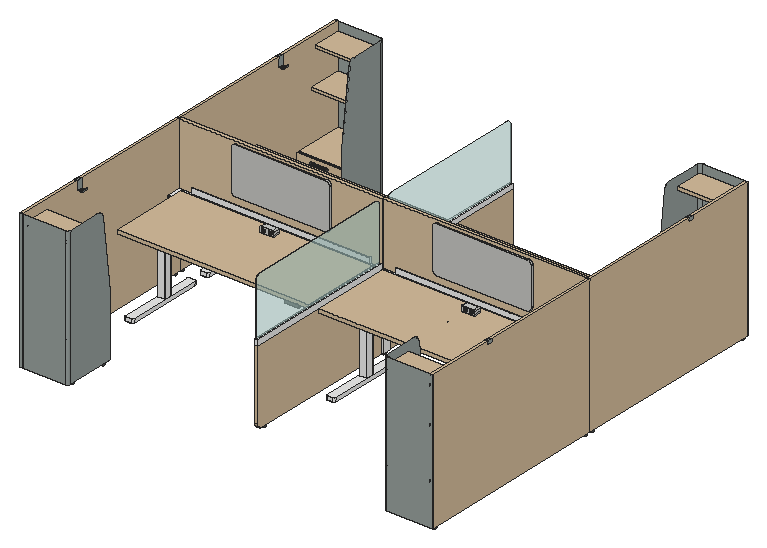
Revit family "Layout-Teknion-Expansion_Cityline_Height_Adjustable_Workstation_09-R2021", category Furniture Systems, Revit 2021 (continued)
Definition of nested family "Screen-Teknion-JNSFDT_Floor_Screen_With_Metal_Tower_Open_Leg_Mounted_Two_Users-R2021"
  Lines and regions (in)
    symbolic lines, detail levels medium+fine
      curve 91: line (65.56305, -5.27441, 0) -> (64.94091, -5.27441, 0)
    symbolic lines, visible <- "Standard-Height Pass-Through", detail levels medium+fine
      curve 43: line (-3.2276, 1.05512, 0) -> (-3.2276, -0.03937, 0)
      curve 44: line (-3.42331, -0.03937, 0) -> (-0.84457, -0.03937, 0)
      curve 45: arc (-0.76583, 0, 0) -> (-0.80055, -0.02898, 0) -> (-0.84457, -0.03937, 0) r 0.09843
      curve 46: arc (-3.42331, -0.03937, 0) -> (-3.46732, -0.02898, 0) -> (-3.50205, 0, 0) r 0.09843
      curve 47: line (-1.04028, 1.05512, 0) -> (-1.04028, -0.03937, 0)
      curve 48: line (-3.39378, 1.01575, 0) -> (-3.39378, 0, 0)
      curve 49: line (-0.87409, 1.01575, 0) -> (-0.87409, 0, 0)
    symbolic lines, visible <- "Standard-Height Pass-Through", detail levels fine
      curve 50: line (-3.45283, 1.01575, 0) -> (-3.45283, 0, 0)
      curve 51: line (-0.81504, 1.01575, 0) -> (-0.81504, 0, 0)
    symbolic lines, detail levels fine
      curve 52: arc (-81.94108, 0.50787, 0) -> (-82.44108, 1.00787, 0) -> (-82.94108, 0.50787, 0) r 0.5
      curve 53: arc (-82.94108, 0.50787, 0) -> (-82.44108, 0.00787, 0) -> (-81.94108, 0.50787, 0) r 0.5
      curve 54: arc (-80.94108, -0.50787, 0) -> (-81.44108, -0.00787, 0) -> (-81.94108, -0.50787, 0) r 0.5
      curve 55: arc (-81.94108, -0.50787, 0) -> (-81.44108, -1.00787, 0) -> (-80.94108, -0.50787, 0) r 0.5
      curve 56: arc (-66.77966, -0.50787, 0) -> (-67.27966, -0.00787, 0) -> (-67.77966, -0.50787, 0) r 0.5
      curve 57: arc (-67.77966, -0.50787, 0) -> (-67.27966, -1.00787, 0) -> (-66.77966, -0.50787, 0) r 0.5
      curve 58: arc (-66.77966, -16.14567, 0) -> (-67.27966, -15.64567, 0) -> (-67.77966, -16.14567, 0) r 0.5
      curve 59: arc (-67.77966, -16.14567, 0) -> (-67.27966, -16.64567, 0) -> (-66.77966, -16.14567, 0) r 0.5
      curve 60: arc (-80.94108, -16.14567, 0) -> (-81.44108, -15.64567, 0) -> (-81.94108, -16.14567, 0) r 0.5
      curve 61: arc (-81.94108, -16.14567, 0) -> (-81.44108, -16.64567, 0) -> (-80.94108, -16.14567, 0) r 0.5
      curve 62: arc (-1.00004, 0.50787, 0) -> (-1.50004, 1.00787, 0) -> (-2.00004, 0.50787, 0) r 0.5
      curve 63: arc (-2.00004, 0.50787, 0) -> (-1.50004, 0.00787, 0) -> (-1.00004, 0.50787, 0) r 0.5
      curve 64: arc (1.99996, 0.50787, 0) -> (1.49996, 1.00787, 0) -> (0.99996, 0.50787, 0) r 0.5
      curve 65: arc (0.99996, 0.50787, 0) -> (1.49996, 0.00787, 0) -> (1.99996, 0.50787, 0) r 0.5
      curve 66: arc (67.77958, -16.14567, 0) -> (67.27958, -15.64567, 0) -> (66.77958, -16.14567, 0) r 0.5
      curve 67: arc (66.77958, -16.14567, 0) -> (67.27958, -16.64567, 0) -> (67.77958, -16.14567, 0) r 0.5
      curve 68: arc (81.941, -16.14567, 0) -> (81.441, -15.64567, 0) -> (80.941, -16.14567, 0) r 0.5
      curve 69: arc (80.941, -16.14567, 0) -> (81.441, -16.64567, 0) -> (81.941, -16.14567, 0) r 0.5
      curve 70: arc (80.941, -0.50787, 0) -> (81.441, -1.00787, 0) -> (81.941, -0.50787, 0) r 0.5
      curve 71: arc (81.941, -0.50787, 0) -> (81.441, -0.00787, 0) -> (80.941, -0.50787, 0) r 0.5
      curve 72: arc (81.941, 0.50787, 0) -> (82.441, 0.00787, 0) -> (82.941, 0.50787, 0) r 0.5
      curve 73: arc (82.941, 0.50787, 0) -> (82.441, 1.00787, 0) -> (81.941, 0.50787, 0) r 0.5
      curve 74: arc (66.77958, -0.50787, 0) -> (67.27958, -1.00787, 0) -> (67.77958, -0.50787, 0) r 0.5
      curve 75: arc (67.77958, -0.50787, 0) -> (67.27958, -0.00787, 0) -> (66.77958, -0.50787, 0) r 0.5
  Dimensions and locks (in)
    "Width": plane 4 "Left" to plane 5 "Right"
    locked: plane 6 "Back" to plane 7 "Front" at 17.72835
    "Datum Height": plane 8 "Top" to level
    equal spacing: plane 6 "Back", plane 1 "Center Front/Back", plane 7 "Front"
    equal spacing: plane 4 "Left", plane 3 "Center Left/Right", plane 5 "Right"
    locked: plane 9 to plane 2 at 0.60236
    locked: plane 4 "Left" to Sweep 1 sketch curve at 0.05906
    locked: plane 6 "Back" to Sweep 1 sketch curve at 1.01575
    locked: Sweep 2 sketch curve to plane 5 "Right" at 0.05906
    locked: plane 6 "Back" to Sweep 2 sketch curve at 1.01575
    "Cut-Out - Pass-Through": Sweep 3 sketch curve to Sweep 3 sketch curve
    locked: plane 6 "Back" to Sweep 3 sketch curve at 1.75
    plane 3 "Center Left/Right" to Sweep 3 sketch curve to Sweep 3 sketch curve = 0.815" locked, 2.6378" locked
    Sweep 3 sketch curve to Sweep 3 sketch curve to plane 9 = 6.3189" locked, 15.88976" locked
    locked: plane 7 "Front" to Sweep 4 sketch curve at 0.05906  (x2)
    locked: plane 4 "Left" to Sweep 4 sketch curve at 19.05906
    locked: plane 4 "Left" to Sweep 4 sketch curve at 0.05906
    locked: plane 7 "Front" to Sweep 4 sketch curve at 1.05906  (x2)
    locked: plane 4 "Left" to Sweep 4 sketch curve at 1.05906
    locked: Sweep 4 sketch curve to plane 5 "Right" at 0.05906
    locked: Sweep 4 sketch curve to plane 5 "Right" at 19.05906
    locked: Sweep 4 sketch curve to plane 5 "Right" at 1.05906
    locked: plane 7 "Front" to Sweep 5 sketch curve at 3
    locked: Sweep 5 sketch curve to plane 2 at 23  (x2)
    locked: Sweep 5 sketch curve to plane 5 "Right" at 19.05906
    locked: Sweep 6 sketch curve to plane 9 at 14.77165
    plane 4 "Left" to Sweep 6 sketch curve to Sweep 6 sketch curve = 1.05896" locked, 17.16142" locked
    Sweep 6 sketch curve to Sweep 6 sketch curve to plane 5 "Right" = 17.16132" locked, 1.05906" locked
    locked: plane 7 "Front" to Sweep 6 sketch curve at 0.05906  (x2)
    locked: plane 6 "Back" to Sweep 6 sketch curve at 1.01575
    locked: Sweep 6 sketch curve to plane 6 "Back" at 1.01575
    Sweep 7 sketch curve to Sweep 7 sketch curve to plane 2 = 13.75591" locked, 1.61811" locked
    plane 4 "Left" to Sweep 7 sketch curve to Sweep 7 sketch curve = 1.79912" locked, 16.42126" locked
    locked: plane 7 "Front" to Sweep 7 sketch curve at 1.0748  (x2)
    locked: plane 6 "Back" to Sweep 7 sketch curve at 2.0315  (x2)
    Sweep 7 sketch curve to Sweep 7 sketch curve to plane 5 "Right" = 16.42126" locked, 1.79912" locked
    plane 4 "Left" to Sweep 8 sketch curve to Sweep 8 sketch curve to Sweep 8 sketch curve = 0.05896" locked, 1.000" locked, 9.500" locked
    plane 7 "Front" to Sweep 8 sketch curve to Sweep 8 sketch curve = 0.05906" locked, 1.000" locked  (x2)
    locked: plane 6 "Back" to Sweep 8 sketch curve at 1.01575  (x2)
    Sweep 8 sketch curve to Sweep 8 sketch curve to Sweep 8 sketch curve to plane 5 "Right" = 9.500" locked, 1.000" locked, 0.05896" locked
    "Shelve 2 Distance": plane 8 "Top" to Sweep 9 sketch curve
    locked: Sweep 9 sketch curve to Sweep 9 sketch curve at 1.01575
    plane 4 "Left" to Sweep 9 sketch curve to Sweep 9 sketch curve to Sweep 9 sketch curve = 0.05896" locked, 1.000" locked, 11.500" locked
    Sweep 9 sketch curve to Sweep 9 sketch curve to Sweep 9 sketch curve to plane 5 "Right" = 11.500" locked, 1.000" locked, 0.05896" locked
    locked: plane 6 "Back" to Sweep 9 sketch curve at 1.01575  (x2)
    plane 7 "Front" to Sweep 9 sketch curve to Sweep 9 sketch curve = 0.05906" locked, 1.000" locked  (x2)
    Sweep 10 sketch curve to Sweep 10 sketch curve to plane 2 = 1.01575" locked, 15.37402" locked
    plane 4 "Left" to Sweep 10 sketch curve to Sweep 10 sketch curve to Sweep 10 sketch curve = 0.05896" locked, 1.000" locked, 17.16142" locked
    Sweep 10 sketch curve to Sweep 10 sketch curve to Sweep 10 sketch curve to plane 5 "Right" = 17.16142" locked, 1.000" locked, 0.05896" locked
    locked: plane 6 "Back" to Sweep 10 sketch curve at 1.01575  (x2)
    plane 7 "Front" to Sweep 10 sketch curve to Sweep 10 sketch curve = 0.05906" locked, 1.000" locked  (x2)
    Sweep 11 sketch curve to Sweep 11 sketch curve to Sweep 11 sketch curve to Sweep 11 sketch curve to plane 2 = 0.16618" locked, 0.02953" locked, 0.07874" locked, 16.44291" locked
    Sweep 11 sketch curve to Sweep 11 sketch curve to Sweep 11 sketch curve = 0.19571" locked, 0.07874" locked
    Sweep 11 sketch curve to plane 6 "Back" to Sweep 11 sketch curve to Sweep 11 sketch curve = 0.03937" locked, 1.01575" locked, 0.03937" locked
    Sweep 12 sketch curve to plane 3 "Center Left/Right" to Sweep 12 sketch curve = 5.16929" locked, 5.16929" locked
    Sweep 12 sketch curve to Sweep 12 sketch curve to Sweep 12 sketch curve to Sweep 12 sketch curve to plane 2 = 0.0752" locked, 4.96063" locked, 0.0752" locked, 22.65709" locked
    plane 6 "Back" to Sweep 12 sketch curve to Sweep 12 sketch curve to Sweep 12 sketch curve to Sweep 12 sketch curve = 1.01575" locked, 0.0752" locked, 1.18465" locked, 0.17717" locked
    plane 6 "Back" to Sweep 13 sketch curve to Sweep 13 sketch curve = 1.01575" locked, 1.43701" locked
    Sweep 13 sketch curve to Sweep 13 sketch curve to Sweep 13 sketch curve to plane 3 "Center Left/Right" to Sweep 13 sketch curve to Sweep 13 sketch curve to Sweep 13 sketch curve = 1.33858" locked, 0.6811" locked, 3.14961" locked, 3.14961" locked, 0.6811" locked, 1.33858" locked
    Sweep 13 sketch curve to Sweep 13 sketch curve to Sweep 13 sketch curve to Sweep 13 sketch curve to plane 2 = 0.0752" locked, 4.96063" locked, 0.0752" locked, 22.65709" locked
    Sweep 14 sketch curve to plane 3 "Center Left/Right" to Sweep 14 sketch curve = 1.500" locked, 1.500" locked
    locked: plane 6 "Back" to Sweep 14 sketch curve at 0.50787  (x2)
    Sweep 14 sketch curve to Sweep 14 sketch curve to Sweep 14 sketch curve to Sweep 14 sketch curve to Sweep 14 sketch curve to plane 5 "Right" = 0.000" locked, 14.16142" locked, 0.000" locked, 1.000" locked, 1.55896" locked
    plane 6 "Back" to Sweep 14 sketch curve to Sweep 14 sketch curve to Sweep 14 sketch curve to Sweep 14 sketch curve to Sweep 14 sketch curve = 0.50787" locked, 1.01575" locked, 0.000" locked, 15.6378" locked, 0.000" locked  (x2)
    plane 4 "Left" to Sweep 14 sketch curve to Sweep 14 sketch curve to Sweep 14 sketch curve to Sweep 14 sketch curve to Sweep 14 sketch curve = 1.55896" locked, 1.000" locked, 0.000" locked, 14.16142" locked, 0.000" locked
    plane 4 "Left" to Sweep 15 sketch curve to Sweep 15 sketch curve = 25.18396" locked, 1.750" locked
    plane 8 "Top" to Sweep 8 sketch curve to Sweep 8 sketch curve = 3.000" locked, 1.01575" locked
    locked: plane 8 "Top" to Sweep 5 sketch curve at 2  (x2)
    locked: Sweep 5 sketch curve to plane 4 "Left" at 19.05906
    Sweep 15 sketch curve to Sweep 15 sketch curve to Sweep 15 sketch curve to Sweep 15 sketch curve to Sweep 15 sketch curve to plane 6 "Back" to Sweep 15 sketch curve = 0.04724" locked, 0.3937" locked, 1.51181" locked, 0.04724" locked, 1.01575" locked, 0.04724" locked
    Sweep 15 sketch curve to plane 8 "Top" to Sweep 15 sketch curve to Sweep 15 sketch curve to Sweep 15 sketch curve to Sweep 15 sketch curve = 0.04724" locked, 0.94488" locked, 1.81693" locked, 0.3937" locked, 0.04724" locked
    "Round Corner Cut-Out": Sweep 5 sketch curve to plane 4 "Left"
    "Round Corner Cut-Out": Sweep 5 sketch curve to plane 5 "Right"
    Sweep 16 sketch curve to Sweep 16 sketch curve to plane 5 "Right" = 1.750" locked, 25.18396" locked
    plane 6 "Back" to Sweep 17 sketch curve to Sweep 17 sketch curve = 2.76575" locked, 0.250" locked
    Sweep 17 sketch curve to Sweep 17 sketch curve to Sweep 17 sketch curve to Sweep 17 sketch curve to plane 4 "Left" = 0.250" locked, 1.250" locked, 0.250" locked, 25.18396" locked
    plane 8 "Top" to Sweep 17 sketch curve to Sweep 17 sketch curve = 2.40551" locked, 0.250" locked  (x4)
    Sweep 17 sketch curve to Sweep 17 sketch curve to Sweep 17 sketch curve to Sweep 17 sketch curve to plane 5 "Right" = 0.250" locked, 1.250" locked, 0.250" locked, 25.18396" locked
    Sweep 18 sketch curve to plane 6 "Back" to Sweep 18 sketch curve = 0.04724" locked, 0.20276" locked
    Sweep 18 sketch curve to Sweep 18 sketch curve to Sweep 18 sketch curve to Sweep 18 sketch curve to plane 5 "Right" = 0.53937" locked, 0.67126" locked, 0.53937" locked, 25.18396" locked
    Sweep 18 sketch curve to Sweep 18 sketch curve to plane 8 "Top" = 0.53937" locked, 0.40551" locked  (x4)
    Sweep 18 sketch curve to Sweep 18 sketch curve to Sweep 18 sketch curve to Sweep 18 sketch curve to plane 4 "Left" = 0.53937" locked, 0.67126" locked, 0.53937" locked, 25.18396" locked
    equal spacing: cut or joined group of Sweep 6, Sweep 7, nested 1, cut or joined group of Sweep 6, Sweep 7
    equal spacing: cut or joined group of Sweep 6, Sweep 7, nested 5, cut or joined group of Sweep 6, Sweep 7
    equal spacing: cut or joined group of Sweep 4, Sweep 5, nested 2, plane 3 "Center Left/Right"
    equal spacing: plane 3 "Center Left/Right", nested 4, Sweep 2
    equal spacing: plane 6 "Back", nested 2, cut or joined group of Sweep 1, Sweep 3
    equal spacing: plane 6 "Back", nested 4, Sweep 2
    equal spacing: plane 6 "Back", nested 3, Sweep 2
    plane 8 "Top" to Sweep 19 sketch curve to Sweep 19 sketch curve = 2.55512" locked, 1.250" locked
    plane 4 "Left" to Sweep 19 sketch curve to Sweep 19 sketch curve = 25.69331" locked, 0.7313" locked
    plane 6 "Back" to Sweep 19 sketch curve to Sweep 19 sketch curve = 1.62205" locked, 0.3937" locked  (x2)
    plane 5 "Right" to Sweep 19 sketch curve to Sweep 19 sketch curve = 25.69331" locked, 0.7313" locked
    Masking region 2 sketch curve to Masking region 2 sketch curve to Masking region 2 sketch curve to Masking region 2 sketch curve to plane 3 "Center Left/Right" = 0.07874" locked, 2.57874" locked, 0.07874" locked, 0.76579" locked
    locked: Sweep 20 sketch curve to plane 4 "Left" at 18.35817
    Sweep 20 sketch curve to Sweep 20 sketch curve to plane 2 = 15.61024" locked, 0.66142" locked
    locked: Sweep 20 sketch curve to Sweep 20 sketch curve at 0.70088
    Sweep 21 sketch curve to Sweep 21 sketch curve to plane 1 "Center Front/Back" to Sweep 21 sketch curve to Sweep 21 sketch curve = 0.000" locked, 3.08465" locked, 2.12795" locked, 0.000" locked
    Sweep 21 sketch curve to Sweep 21 sketch curve to cut or joined group of Sweep 20, Sweep 21, Sweep 23 = 1.08504" locked, 1.29213" locked
    locked: Sweep 22 sketch curve to Sweep 22 sketch curve at 15.61024
    locked: Sweep 22 sketch curve to Sweep 22 sketch curve at 0.70088
    locked: Sweep 22 sketch curve to plane 2 at 0.66142
    locked: Sweep 22 sketch curve to plane 5 "Right" at 18.35817
    Sweep 23 sketch curve to Sweep 23 sketch curve to plane 1 "Center Front/Back" to Sweep 23 sketch curve to Sweep 23 sketch curve = 0.000" locked, 3.08465" locked, 2.12795" locked, 0.000" locked
    Sweep 23 sketch curve to Sweep 23 sketch curve to Sweep 22 = 1.08504" locked, 1.29213" locked
    Sweep 24 sketch curve to Sweep 24 sketch curve to Sweep 24 sketch curve = 0.70079" locked, 0.000" locked
    cut or joined group of Sweep 20, Sweep 21, Sweep 23 to Sweep 24 sketch curve to Sweep 24 sketch curve = 1.29213" locked, 0.09646" locked
    locked: Sweep 25 sketch curve to Sweep 25 sketch curve at 0.07874
    locked: cut or joined group of Sweep 20, Sweep 21, Sweep 23 to Sweep 25 sketch curve at 1.83465
    Sweep 26 sketch curve to Sweep 26 sketch curve to Sweep 26 sketch curve = 0.70079" locked, 0.000" locked
    locked: Sweep 26 sketch curve to Sweep 26 sketch curve at 0.09646
    locked: cut or joined group of Sweep 22, Sweep 23 to Sweep 26 sketch curve at 1.29213
    locked: Sweep 27 sketch curve to Sweep 27 sketch curve at 0.07874
    locked: cut or joined group of Sweep 22, Sweep 23 to Sweep 27 sketch curve at 1.83465
    locked: Sweep 28 sketch curve to Sweep 28 sketch curve at 0.05896
    locked: Sweep 28 sketch curve to curve 6 at 1.89961
    Sweep 28 sketch curve to Sweep 28 sketch curve to Sweep 28 sketch curve to cut or joined group of Sweep 20, Sweep 21, Sweep 23 = 0.37402" locked, 0.20923" locked, 1.06045" locked
    cut or joined group of Sweep 20, Sweep 21, Sweep 23 to Sweep 28 sketch curve to Sweep 28 sketch curve to Sweep 28 sketch curve = 1.45416" locked, 0.34703" locked, 0.09843" locked
    locked: Sweep 29 sketch curve to Sweep 29 sketch curve at 0.05896
    Sweep 29 sketch curve to Sweep 29 sketch curve to Sweep 29 sketch curve = 0.37402" locked, 0.20923" locked
    Sweep 29 sketch curve to Sweep 29 sketch curve to Sweep 29 sketch curve = 0.34703" locked, 0.09843" locked
    locked: plane 7 "Front" to Sweep 29 sketch curve at 1.95867
    locked: Sweep 29 sketch curve to cut or joined group of Sweep 22, Sweep 23 at 1.26969
    locked: Sweep 29 sketch curve to cut or joined group of Sweep 22, Sweep 23 at 1.80119
    aligned and locked: level to plane 2
    aligned and locked: Sweep 1 sketch curve to plane 3 "Center Left/Right"
    aligned and locked: plane 8 "Top" to Sweep 1 sketch curve
    aligned and locked: plane 9 to Sweep 1 sketch curve
    aligned and locked: plane 6 "Back" to Sweep 1 sketch curve
    aligned and locked: plane 3 "Center Left/Right" to Sweep 1 sketch curve
    aligned and locked: Sweep 2 sketch curve to plane 3 "Center Left/Right"  (x2)
    aligned and locked: plane 8 "Top" to Sweep 2 sketch curve
    aligned and locked: plane 9 to Sweep 2 sketch curve
    aligned and locked: plane 6 "Back" to Sweep 2 sketch curve
    aligned and locked: plane 3 "Center Left/Right" to Sweep 3 sketch curve
    aligned and locked: plane 3 "Center Left/Right" to Sweep 4 sketch curve
    aligned and locked: plane 8 "Top" to Sweep 4 sketch curve
    aligned and locked: plane 9 to Sweep 4 sketch curve
    aligned and locked: Sweep 4 sketch curve to plane 6 "Back"
    aligned and locked: plane 4 "Left" to Sweep 4 sketch curve
    aligned and locked: Sweep 4 sketch curve to plane 7 "Front"
    aligned and locked: plane 7 "Front" to Sweep 4 sketch curve
    aligned and locked: Sweep 4 sketch curve to plane 5 "Right"
    aligned and locked: plane 6 "Back" to Sweep 4 sketch curve
    aligned and locked: Sweep 5 sketch curve to plane 3 "Center Left/Right"
    aligned and locked: plane 7 "Front" to Sweep 5 sketch curve
    aligned and locked: Sweep 5 sketch curve to plane 8 "Top"
    aligned and locked: plane 8 "Top" to Sweep 5 sketch curve
    aligned and locked: Sweep 6 sketch curve to plane 3 "Center Left/Right"
    aligned and locked: plane 9 to Sweep 6 sketch curve
    aligned and locked: Sweep 7 sketch curve to plane 3 "Center Left/Right"
    aligned and locked: Sweep 8 sketch curve to plane 3 "Center Left/Right"
    aligned and locked: Sweep 9 sketch curve to plane 3 "Center Left/Right"
    aligned and locked: Sweep 10 sketch curve to plane 3 "Center Left/Right"
    aligned and locked: Sweep 11 sketch curve to cut or joined group of Sweep 1, Sweep 3  (x4)
    aligned and locked: Sweep 11 sketch curve to plane 6 "Back"
    aligned and locked: plane 1 "Center Front/Back" to Sweep 12 sketch curve
    aligned and locked: Sweep 13 sketch curve to plane 3 "Center Left/Right"
    aligned and locked: Sweep 13 sketch curve to Sweep 13 sketch curve  (x2)
    aligned and locked: Sweep 14 sketch curve to plane 3 "Center Left/Right"
    aligned and locked: plane 2 to Sweep 14 sketch curve
    aligned and locked: plane 9 to Sweep 14 sketch curve
    aligned and locked: plane 1 "Center Front/Back" to Sweep 15 sketch curve
    aligned and locked: Sweep 15 sketch curve to plane 8 "Top"
    aligned and locked: Sweep 15 sketch curve to plane 6 "Back"
    aligned and locked: plane 1 "Center Front/Back" to Sweep 16 sketch curve
    aligned and locked: Sweep 16 sketch curve to Sweep 15  (x12)
    aligned and locked: plane 3 "Center Left/Right" to Sweep 17 sketch curve
    aligned and locked: Sweep 18 sketch curve to plane 3 "Center Left/Right"
    aligned and locked: Sweep 10 to nested 1
    aligned and locked: nested 5 to Sweep 10
    aligned and locked: plane 3 "Center Left/Right" to nested 3
    aligned and locked: plane 7 "Front" to curve 1
    aligned and locked: curve 2 to plane 4 "Left"
    aligned and locked: curve 3 to plane 6 "Back"
    aligned and locked: curve 4 to plane 5 "Right"
    aligned and locked: Sweep 19 sketch curve to plane 3 "Center Left/Right"
    aligned and locked: Masking region 1 sketch curve to Sweep 10  (x2)
    aligned and locked: Masking region 1 sketch curve to cut or joined group of Sweep 4, Sweep 5  (x4)
    aligned and locked: Masking region 1 sketch curve to cut or joined group of Sweep 1, Sweep 3  (x2)
    aligned and locked: Sweep 2 to Masking region 1 sketch curve  (x2)
    aligned and locked: Masking region 1 sketch curve to cut or joined group of Sweep 16, Sweep 17, Sweep 18, Sweep 19  (x7)
    aligned and locked: Masking region 1 sketch curve to Sweep 2
    aligned and locked: Masking region 1 sketch curve to cut or joined group of Sweep 12, Sweep 13  (x8)
    aligned and locked: cut or joined group of Sweep 12, Sweep 13 to Masking region 1 sketch curve  (x3)
    aligned and locked: Masking region 1 sketch curve to cut or joined group of Sweep 15, Sweep 17, Sweep 18, Sweep 19  (x8)
    aligned and locked: cut or joined group of Sweep 1, Sweep 3 to Masking region 1 sketch curve
    aligned and locked: curve 6 to cut or joined group of Sweep 4, Sweep 5
    aligned and locked: curve 7 to cut or joined group of Sweep 4, Sweep 5
    aligned and locked: curve 8 to cut or joined group of Sweep 1, Sweep 3
    aligned and locked: cut or joined group of Sweep 15, Sweep 17, Sweep 18, Sweep 19 to curve 9
    aligned and locked: curve 10 to Sweep 8
    aligned and locked: curve 11 to Sweep 9
    aligned and locked: cut or joined group of Sweep 15, Sweep 17, Sweep 18, Sweep 19 to curve 12
    aligned and locked: cut or joined group of Sweep 1, Sweep 3 to curve 13
    aligned and locked: curve 14 to cut or joined group of Sweep 15, Sweep 17, Sweep 18, Sweep 19
    aligned and locked: curve 15 to cut or joined group of Sweep 15, Sweep 17, Sweep 18, Sweep 19
    aligned and locked: Sweep 2 to curve 16
    aligned and locked: cut or joined group of Sweep 16, Sweep 17, Sweep 18, Sweep 19 to curve 19
    aligned and locked: curve 20 to cut or joined group of Sweep 16, Sweep 17, Sweep 18, Sweep 19
    aligned and locked: curve 21 to cut or joined group of Sweep 16, Sweep 17, Sweep 18, Sweep 19
    aligned and locked: Sweep 2 to curve 22
    aligned and locked: cut or joined group of Sweep 16, Sweep 17, Sweep 18, Sweep 19 to curve 23
    aligned and locked: cut or joined group of Sweep 4, Sweep 5 to curve 24
    aligned and locked: curve 25 to cut or joined group of Sweep 4, Sweep 5
    aligned and locked: curve 26 to Sweep 9
    aligned and locked: curve 27 to Sweep 8
    aligned and locked: curve 28 to Sweep 8
    aligned and locked: curve 29 to cut or joined group of Sweep 6, Sweep 7
    aligned and locked: curve 30 to cut or joined group of Sweep 6, Sweep 7
    aligned and locked: curve 31 to cut or joined group of Sweep 6, Sweep 7
    aligned and locked: curve 32 to cut or joined group of Sweep 6, Sweep 7
    aligned and locked: cut or joined group of Sweep 1, Sweep 3 to curve 34
    aligned and locked: curve 33 to cut or joined group of Sweep 1, Sweep 3
    aligned and locked: Sweep 2 to curve 36
    aligned and locked: curve 35 to Sweep 2
    aligned and locked: curve 37 to cut or joined group of Sweep 6, Sweep 7
    aligned and locked: curve 38 to cut or joined group of Sweep 6, Sweep 7
    aligned and locked: curve 39 to cut or joined group of Sweep 6, Sweep 7
    aligned and locked: curve 40 to cut or joined group of Sweep 6, Sweep 7
    aligned and locked: cut or joined group of Sweep 12, Sweep 13 to curve 42
    aligned and locked: curve 41 to cut or joined group of Sweep 12, Sweep 13
    aligned and locked: Masking region 2 sketch curve to Sweep 11  (x2)
    aligned and locked: curve 44 to Sweep 11
    aligned and locked: curve 43 to Sweep 11
    aligned and locked: curve 48 to Sweep 11
    aligned and locked: curve 47 to Sweep 11
    aligned and locked: curve 49 to Sweep 11
    aligned and locked: curve 52 to Sweep 14
    aligned and locked: curve 53 to Sweep 14
    aligned and locked: curve 54 to Sweep 14
    aligned and locked: curve 55 to Sweep 14
    aligned and locked: curve 56 to Sweep 14
    aligned and locked: curve 57 to Sweep 14
    aligned and locked: curve 58 to Sweep 14
    aligned and locked: curve 59 to Sweep 14
    aligned and locked: curve 60 to Sweep 14
    aligned and locked: curve 61 to Sweep 14
    aligned and locked: curve 62 to Sweep 14
    aligned and locked: curve 63 to Sweep 14
    aligned and locked: curve 64 to Sweep 14
    aligned and locked: curve 65 to Sweep 14
    aligned and locked: curve 66 to Sweep 14
    aligned and locked: curve 67 to Sweep 14
    aligned and locked: curve 68 to Sweep 14
    aligned and locked: curve 69 to Sweep 14
    aligned and locked: curve 70 to Sweep 14
    aligned and locked: curve 71 to Sweep 14
    aligned and locked: curve 72 to Sweep 14
    aligned and locked: curve 73 to Sweep 14
    aligned and locked: curve 74 to Sweep 14
    aligned and locked: curve 75 to Sweep 14
    aligned and locked: curve 76 to cut or joined group of Sweep 12, Sweep 13
    aligned and locked: curve 77 to cut or joined group of Sweep 12, Sweep 13
    aligned and locked: Masking region 1 sketch curve to curve 23
    aligned and locked: curve 3 to Masking region 1 sketch curve
    aligned and locked: curve 8 to Sweep 20 sketch curve
    aligned and locked: Sweep 20 sketch curve to curve 6
    aligned and locked: Sweep 21 sketch curve to plane 1 "Center Front/Back"
    aligned and locked: Sweep 20 to Sweep 21 sketch curve  (x2)
    aligned and locked: Sweep 22 sketch curve to Sweep 2
    aligned and locked: Sweep 22 sketch curve to curve 25
    aligned and locked: plane 1 "Center Front/Back" to Sweep 23 sketch curve
    aligned and locked: Sweep 22 to Sweep 23 sketch curve  (x2)
    aligned and locked: Sweep 24 sketch curve to cut or joined group of Sweep 22, Sweep 23
    aligned and locked: Sweep 24 sketch curve to cut or joined group of Sweep 20, Sweep 21, Sweep 23
    aligned and locked: cut or joined group of Sweep 20, Sweep 21, Sweep 23 to Sweep 24 sketch curve
    aligned and locked: cut or joined group of Sweep 20, Sweep 21, Sweep 23 to Sweep 25 sketch curve
    aligned and locked: Sweep 25 sketch curve to Sweep 24  (x2)
    aligned and locked: Sweep 26 sketch curve to cut or joined group of Sweep 22, Sweep 23  (x3)
    aligned and locked: Sweep 26 to Sweep 27 sketch curve
    aligned and locked: Sweep 27 sketch curve to Sweep 26  (x2)
    aligned and locked: cut or joined group of Sweep 20, Sweep 21, Sweep 23 to Sweep 28 sketch curve
    aligned and locked: cut or joined group of Sweep 22, Sweep 23 to Sweep 29 sketch curve
    aligned and locked: Masking region 1 sketch curve to curve 6
    aligned and locked: Masking region 1 sketch curve to Masking region 1 sketch curve  (x2)
    aligned and locked: Masking region 1 sketch curve to cut or joined group of Sweep 22, Sweep 23  (x2)
    aligned and locked: Masking region 1 sketch curve to Sweep 29
    aligned and locked: curve 78 to Sweep 28
    aligned and locked: curve 79 to Sweep 29
    aligned and locked: curve 80 to cut or joined group of Sweep 22, Sweep 23
    aligned and locked: curve 81 to cut or joined group of Sweep 20, Sweep 21, Sweep 23
    aligned and locked: curve 82 to cut or joined group of Sweep 24, Sweep 25
    aligned and locked: curve 87 to Sweep 27
  Automatic sketch dimensions
    Sweep 3 sketch curve to Sweep 3 sketch curve = 0.3937"  (x4)
    Sweep 4 sketch curve to Sweep 4 sketch curve = 0.000"  (x2)
    Sweep 14 sketch curve to Sweep 14 sketch curve = 0.000"  (x24)
    Sweep 14 sketch curve to Sweep 14 sketch curve = 0.500"  (x12)
    Sweep 15 sketch curve to Sweep 15 sketch curve = 0.000"
    Sweep 15 sketch curve to Sweep 15 sketch curve = 0.3563"
    Sweep 17 sketch curve to Sweep 17 sketch curve = 0.000"  (x12)
    Sweep 18 sketch curve to Sweep 18 sketch curve = 0.000"  (x12)
    profile plane to Sweep 28 sketch curve = 0.04921"
    Sweep 29 sketch curve to profile plane = 0.04921"
    Masking region 1 sketch curve to plane 7 "Front" = 0.05906"  (x2)
    Masking region 1 sketch curve to Masking region 1 sketch curve = 0.1378"
    Masking region 1 sketch curve to plane 1 "Center Front/Back" = 2.67003"
    Masking region 1 sketch curve to Masking region 1 sketch curve = 0.70088"
    Masking region 1 sketch curve to plane 1 "Center Front/Back" = 2.62203"  (x2)
    Masking region 1 sketch curve to Masking region 1 sketch curve = 0.04801"  (x2)
    plane 1 "Center Front/Back" to Masking region 1 sketch curve = 3.57901"  (x2)
    Masking region 1 sketch curve to Masking region 1 sketch curve = 0.0483"  (x2)
    Masking region 1 sketch curve to Masking region 1 sketch curve = 0.05896"
    Masking region 1 sketch curve to Masking region 1 sketch curve = 0.79248"  (x2)
    Masking region 1 sketch curve to Masking region 1 sketch curve = 0.04831"  (x2)
    Masking region 1 sketch curve to Masking region 1 sketch curve = 0.000"  (x3)
    Masking region 1 sketch curve to Masking region 1 sketch curve = 0.01066"
    Masking region 1 sketch curve to Masking region 1 sketch curve = 1.51321"  (x2)
    Sweep 22 sketch curve to profile plane = 0.000"
    Sweep 20 sketch curve to profile plane = 0.000"
    curve 50 to plane 6 "Back" = 0.000"
    curve 51 to plane 6 "Back" = 0.000"
    curve 49 to plane 6 "Back" = 0.000"
    curve 48 to plane 6 "Back" = 0.000"
    curve 56 to curve 84 = 1.21654"
    curve 58 to curve 6 = 1.83868"
    curve 41 to curve 76 = 0.0006"
    curve 46 to curve 48 = 0.02953"
    curve 49 to curve 44 = 0.02953"
    curve 17 to curve 77 = 0.0006"
    curve 25 to curve 66 = 1.83868"
    curve 88 to curve 87 = 0.62214"
    plane 1 "Center Front/Back" to curve 87 = 3.53071"
    plane 1 "Center Front/Back" to curve 86 = 3.53071"
    curve 84 to plane 1 "Center Front/Back" = 2.57402"
    curve 50 to curve 46 = 0.05906"
    curve 51 to curve 45 = 0.05906"
    curve 56 to curve 30 = 1.000"
    curve 59 to curve 32 = 1.000"
    curve 85 to curve 82 = 0.07874"
    curve 83 to curve 82 = 0.07874"
    curve 32 to curve 78 = 0.83868"
    curve 15 to curve 8 = 0.000"
    curve 14 to curve 8 = 0.000"
    curve 15 to curve 15 = 1.750"
    curve 14 to curve 12 = 0.000"
    curve 41 to curve 17 = 1.33798"
    curve 50 to curve 44 = 0.02953"
    curve 45 to curve 51 = 0.02953"
    curve 17 to curve 42 = 1.33918"
    curve 21 to curve 18 = 0.000"
    curve 20 to curve 18 = 0.000"
    curve 21 to curve 21 = 1.750"
    curve 20 to curve 22 = 0.000"
    curve 79 to curve 25 = 0.000"
    curve 87 to curve 90 = 0.07874"
    curve 87 to curve 89 = 0.07874"
    curve 37 to curve 75 = 1.000"
    curve 79 to curve 39 = 0.83868"
    curve 29 to curve 6 = 0.000"
    curve 58 to curve 59 = 0.000"
    curve 60 to curve 60 = 0.000"  (x2)
    curve 59 to curve 58 = 0.000"
    curve 66 to curve 66 = 0.000"  (x2)
    curve 68 to curve 69 = 0.000"
    curve 69 to curve 68 = 0.000"
    curve 39 to curve 79 = 0.43841"
    curve 32 to curve 78 = 0.43841"
    curve 79 to curve 79 = 0.79248"
    curve 78 to curve 78 = 0.79248"
    curve 89 to curve 87 = 0.09661"
    curve 85 to curve 82 = 0.09646"
    curve 91 to plane 1 "Center Front/Back" = 2.57402"
    curve 87 to curve 90 = 0.09602"
    curve 82 to curve 83 = 0.09646"
    curve 76 to curve 17 = 1.36181"
    curve 77 to curve 17 = 1.36181"
    curve 71 to curve 70 = 0.000"
    curve 70 to curve 71 = 0.000"
    curve 75 to curve 74 = 0.000"
    curve 74 to curve 75 = 0.000"
    curve 56 to curve 57 = 0.000"
    curve 57 to curve 56 = 0.000"
    curve 54 to curve 54 = 0.000"  (x2)
    curve 72 to curve 73 = 0.000"
    curve 73 to curve 72 = 0.000"
    curve 64 to curve 65 = 0.000"
    curve 65 to curve 65 = 0.000"
    curve 45 to curve 63 = 0.44882"
    curve 63 to curve 62 = 0.000"
    curve 52 to curve 53 = 0.000"
    curve 53 to curve 52 = 0.000"
    curve 5 to plane 6 "Back" = 0.00084"
    curve 16 to plane 6 "Back" = 0.00084"
    curve 24 to plane 6 "Back" = 0.00084"
    plane 6 "Back" to curve 47 = 0.03937"
    plane 6 "Back" to curve 43 = 0.03937"
  Nested families (in)
    nested 1: "Teknion_2D_Node_Family-R2016" at (-65.77966, -8.32677, 0), type "Teknion_2D_Node_Family-R2016"
    nested 2: "Teknion_2D_Node_Family-R2016" at (-41.97051, 0.50787, 0), type "Teknion_2D_Node_Family-R2016"
    nested 3: "Teknion_2D_Node_Family-R2016" at (-0.00004, 0.50787, 0), type "Teknion_2D_Node_Family-R2016"
    nested 4: "Teknion_2D_Node_Family-R2016" at (41.97043, 0.50787, 0), type "Teknion_2D_Node_Family-R2016"
    nested 5: "Teknion_2D_Node_Family-R2016" at (65.77958, -8.32677, 0), type "Teknion_2D_Node_Family-R2016"
  Definition of nested family "Teknion_2D_Node_Family-R2016"
    Reference planes (in)
      plane 1 "Center (Front/Back)": y = 0
      plane 2: z = 0
      plane 3 "Center (Left/Right)": x = 0
    Lines and regions (in)
      detail lines, in view "Ref. Level"
        curve 1: circle (0, 0, 0) r 1.25 normal (0, 0, 1)
        curve 2: line (1.91508, -1.91508, 0) -> (-1.91508, 1.91508, 0)
        curve 3: line (-1.91508, -1.91508, 0) -> (1.91508, 1.91508, 0)
Definition of nested family "Screen-Teknion-JZSFGP_Floor_Screen_With_Glass_EZ_Fence_Post_Mounted-R2021"
  Parameters (values of type "42" Datum Height, 28" Glass Starting Height")
    Width Reduction Option [instance] = "Select Width Reduction Option. Full-Beam Reduction is Default."  # constant formula
    Width Reduction [instance] = if([Half-Beam Reduction], 0.000", if([Full-Beam Reduction], 1.693", 0.500"))  # 0.000"
    Width [instance] = 84.000"
    Warranty = "http://www.teknion.com/ca/papers/legal-canada"
    Unit Weight URL = "http://www.teknion.com/ca/tools/assets#&asset=bee6a381-b954-425e-8283-5a2de3a804f2,f828d448-4b62-4231-9e5f-9a8991c0ed77"
    URL = "www.teknion.com"
    To render please download texture images found here [instance] = "https://assets.teknion.com/web/5e81352c1dfdb467/revit-material-swatches/"
    Sustainability Data = "https://www.teknion.com/ca/tools/assets#&topic=216f99a5-57a0-44fc-b10a-9dee9b29ae4c&asset=444deb64-fe58-4b68-981e-f75e97781df7,b4ff2d81-9f2e-437d-9659-7cffb09c31cf"
    Standard Corner [instance] = not(Radius Corner)  # yes
    Series = "Expansion Cityline"  # constant formula
    Screen Width [instance] = if(Width = 84.000", 82.484", if(Width = 78.000", 76.484", if(Width = 72.000", 70.484", if(Width = 66.000", 64.484", if(Width = 60.000", 58.484", if(Width = 54.000", 52.484", if(Width = 48.000", 46.484", if(Width = 42.000", 40.484", if(Width = 36.000", 34.484", if(Width = 30.000", 28.484", if(Width = 24.000", 22.484", 22.484")))))))))))  # 82.484"
    Screen Finish [instance] = none
    Radius Corner [instance] = no
    Product Page URL = "https://www.teknion.com/ca/products/product-details?productLineId=9ad2a26e-8e7a-673b-a6c8-ff05004460c4"
    Product Line = "EZ Fence Screens"  # constant formula
    Product Documentation Link = "https://www.teknion.com/pricing/expansion-cityline/pdfs/JZSFGP_ppg.pdf"
    Part Number = "JZSFGP"  # constant formula
    Model = "JZSFGP4228___"
    Manufacturer Phone = "416-661-3370"  # constant formula
    Manufacturer Fax = "416.661.4586"  # constant formula
    Manufacturer Contact Information = "http://www.teknion.com/ca/contactus"
    Manufacturer Address = "1150 Flint Road, Toronto, ON. M3J 2J5. Canada"  # constant formula
    Manufacturer = "Teknion"  # constant formula
    How To Use Teknion Materials User Guide [instance] = "https://assets.teknion.com/m/205dd0a49fa58060/original/How-to-add-a-Material-Library-and-Texture-Images-to-your-Revit-project.pdf"
    Hardware Finish [instance] = none
    Half-Beam Reduction [instance] = not([Full-Beam Reduction])  # yes
    Glass Starting Height = 29.185"
    Glass Finish [instance] = none
    Full-Beam Reduction [instance] = no
    Frame Finish [instance] = none
    For Additional Finishes please visit [instance] = "https://assets.teknion.com/m/44a8009b046e5d47/original/Teknion_Materials_Library.zip"
    Description = "Floor Screen With Glass - EZ Fence Post-Mounted - 42\" Datum Height, 28\" Glass Starting Height"
    Default Elevation = 0.000"
    Datum Height = 42.000"
    Corner Detail Option [instance] = "Select Corner Detail Option. Standard Corner is Default."  # constant formula
    Available Width [instance] = "24, 30, 36, 42, 48, 54, 60, 66, 72, 78 & 84 Inch"  # constant formula
    Assembly Code = "E2020200"
  Types (5): name | Model | Glass Starting Height | Description | Datum Height
    (no name) | "JZSFGP4228___" | 29.185" | "Floor Screen With Glass - EZ Fence Post-Mounted - 42\" Datum Height, 28\" Glass Starting Height" | 42.000"
    42" Datum Height, 28" Glass Starting Height | "JZSFGP4228___" | 29.185" | "Floor Screen With Glass - EZ Fence Post-Mounted - 42\" Datum Height, 28\" Glass Starting Height" | 42.000"
    51" Datum Height, 28" Glass Starting Height | "JZSFGP5128___" | 29.185" | "Floor Screen With Glass - EZ Fence Post-Mounted - 51\" Datum Height, 28\" Glass Starting Height" | 51.000"
    51" Datum Height, 42" Glass Starting Height | "JZSFGP5142___" | 43.000" | "Floor Screen With Glass - EZ Fence Post-Mounted - 51\" Datum Height, 42\" Glass Starting Height" | 51.000"
    57" Datum Height, 42" Glass Starting Height | "JZSFGP5742___" | 43.000" | "Floor Screen With Glass - EZ Fence Post-Mounted - 57\" Datum Height, 42\" Glass Starting Height" | 57.000"
  Reference planes (in)
    plane 1 "Center Front/Back": y = 0
    plane 2: z = 0
    plane 3 "Center Left/Right": x = 42.75787
    plane 4 "Left": x = 1.51587
    plane 5 "Right": x = 83.99987
    plane 6 "Back": y = 0.89764
    plane 7 "Front": y = -0.89764
    plane 8 "Top": z = 42
    plane 9: z = 0.60236
    plane 10: z = 29.78736
    plane 11: x = 83.99987
  Forms (in)
    Sweep 1, solid, material <- "Screen Finish", visible <- "Standard Corner"
      path origin (0, 0, 0) x (1, 0, 0) y (0, 1, 0)
        loop
          line (42.75787, 0.50787) -> (42.75787, -0.50787)
      profile origin (42.75787, 0, 0) x (1, 0, 0) y (0, 0, 1)
        loop
          line (-41.06483, 0.60236) -> (41.242, 0.60236) -> (41.242, 28.185) -> (-41.06483, 28.185) -> (-41.06483, 0.60236)
    Sweep 2, solid
      path origin (0, 0, 0) x (1, 0, 0) y (0, 0, 1)
        loop
          line (42.75787, 0) -> (42.75787, 0.60236)
      profile origin (42.75787, 0, 0.30118) x (-1, 0, 0) y (0, -1, 0)
        loop
          circle (-37.462, 0) r 0.5
    Sweep 3, solid, material <- "Frame Finish"
      path origin (0, 0, 0) x (1, 0, 0) y (0, 0, 1)
        loop
          line (42.75787, 30.07476) -> (42.75787, 28.185)
      profile origin (42.75787, 0, 29.12988) x (0, -1, 0) y (1, 0, 0)
        loop
          line (0.50787, -41.06483) -> (0.50787, 41.242) -> (-0.50787, 41.242) -> (-0.50787, -41.06483) -> (0.50787, -41.06483)
    Sweep 4, solid, material <- "Hardware Finish"
      path origin (0, 0, 0) x (1, 0, 0) y (0, 0, 1)
        loop
          line (42.75787, 22.06299) -> (42.75787, 13.00787)
      profile origin (42.75787, 0, 17.53543) x (0, -1, 0) y (1, 0, 0)
        loop
          line (-0.58268, -40.87687) -> (-0.89764, -40.9915) -> (-0.89764, -41.242) -> (-0.82283, -41.242) -> (-0.82283, -41.04388) -> (-0.50787, -40.92924) -> (-0.50787, -39.64751) -> (-0.58268, -39.64751) -> (-0.58268, -40.87687)
        loop
          line (0.58268, -40.87687) -> (0.58268, -39.64751) -> (0.50787, -39.64751) -> (0.50787, -40.92924) -> (0.82283, -41.04388) -> (0.82283, -41.242) -> (0.89764, -41.242) -> (0.89764, -40.9915) -> (0.58268, -40.87687)
    Sweep 5, solid, material <- "Screen Finish", visible <- "Radius Corner"
      path origin (0, 0, 0) x (1, 0, 0) y (0, 1, 0)
        loop
          line (42.75787, 0.50787) -> (42.75787, -0.50787)
      profile origin (42.75787, 0, 0) x (1, 0, 0) y (0, 0, 1)
        loop
          line (41.242, 28.185) -> (-41.06483, 28.185) -> (-41.06483, 0.60236) -> (39.242, 0.60236)
          arc (39.242, 0.60236) -> (40.65621, 1.18815) -> (41.242, 2.60236) r 2
          line (41.242, 2.60236) -> (41.242, 28.185)
    Sweep 6, solid, material <- "Glass Finish", visible <- "Radius Corner"
      path origin (0, 0, 0) x (1, 0, 0) y (0, 1, 0)
        loop
          line (42.75787, 0.11811) -> (42.75787, -0.11811)
      profile origin (42.75787, 0, 0) x (1, 0, 0) y (0, 0, 1)
        loop
          line (39.183, 42) -> (-39.00578, 42)
          arc (-39.00578, 42) -> (-40.41999, 41.41421) -> (-41.00578, 40) r 2
          line (-41.00578, 40) -> (-41.00578, 29.78736) -> (41.183, 29.78736) -> (41.183, 40)
          arc (41.183, 40) -> (40.59721, 41.41421) -> (39.183, 42) r 2
    Sweep 7, solid, material <- "Glass Finish", visible <- "Standard Corner"
      path origin (0, 0, 0) x (1, 0, 0) y (0, 1, 0)
        loop
          line (42.75787, 0.11811) -> (42.75787, -0.11811)
      profile origin (42.75787, 0, 0) x (1, 0, 0) y (0, 0, 1)
        loop
          line (-41.006, 42) -> (-41.006, 29.78736) -> (41.183, 29.78736) -> (41.183, 42) -> (-41.006, 42)
  Lines and regions (in)
    Masking region 1
      outline origin (0, 0, 0) x (1, 0, 0) y (0, 1, 0)
        loop
          line (1.76637, 0.89764) -> (1.51587, 0.89764) -> (1.51587, 0.82283) -> (1.71399, 0.82283) -> (1.82863, 0.50787) -> (1.69304, 0.50787) -> (1.69304, -0.50787) -> (1.82863, -0.50787) -> (1.71399, -0.82283) -> (1.51587, -0.82283) -> (1.51587, -0.89764) -> (1.76637, -0.89764) -> (1.88101, -0.58268) -> (3.11036, -0.58268) -> (3.11036, -0.50787) -> (83.99987, -0.50787) -> (83.99987, 0.50787) -> (3.11036, 0.50787) -> (3.11036, 0.58268) -> (1.88101, 0.58268) -> (1.76637, 0.89764)
    symbolic lines
      curve 1: line (83.99987, 0.50787, 0) -> (1.69304, 0.50787, 0)
      curve 2: line (1.69304, -0.50787, 0) -> (83.99987, -0.50787, 0)
      curve 3: line (1.75187, 0.11811, 0) -> (83.94087, 0.11811, 0)
      curve 4: line (1.75187, 0.11811, 0) -> (1.75187, -0.11811, 0)
      curve 5: line (1.75187, -0.11811, 0) -> (83.94087, -0.11811, 0)
      curve 6: line (83.94087, -0.11811, 0) -> (83.94087, 0.11811, 0)
    symbolic lines, detail levels fine
      curve 7: arc (79.71987, 0, 0) -> (80.21987, 0.5, 0) -> (80.71987, 0, 0) r 0.5
      curve 8: arc (80.71987, 0, 0) -> (80.21987, -0.5, 0) -> (79.71987, 0, 0) r 0.5
    reference lines
      curve 9: line (1.51587, 0.89764, 0) -> (83.99987, 0.89764, 0)
      curve 10: line (1.51587, 0.89764, 0) -> (1.51587, -0.89764, 0)
      curve 11: line (1.51587, -0.89764, 0) -> (83.99987, -0.89764, 0)
      curve 12: line (83.99987, 0.89764, 0) -> (83.99987, -0.89764, 0)
  Dimensions and locks (in)
    "Screen Width": plane 4 "Left" to plane 5 "Right"
    locked: plane 6 "Back" to plane 7 "Front" at 1.79528
    "Datum Height": plane 8 "Top" to level
    equal spacing: plane 6 "Back", plane 1 "Center Front/Back", plane 7 "Front"
    equal spacing: plane 4 "Left", plane 3 "Center Left/Right", plane 5 "Right"
    locked: plane 7 "Front" to Sweep 1 sketch curve at 0.38976
    locked: plane 6 "Back" to Sweep 1 sketch curve at 0.38976
    locked: Sweep 1 sketch curve to plane 4 "Left" at 0.17717
    locked: plane 9 to plane 2 at 0.60236
    locked: plane 6 "Back" to Sweep 3 sketch curve at 0.38976
    locked: plane 7 "Front" to Sweep 3 sketch curve at 0.38976
    locked: plane 4 "Left" to Sweep 3 sketch curve at 0.17717
    Sweep 4 sketch curve to Sweep 4 sketch curve to plane 2 = 9.05512" locked, 13.00787" locked
    plane 7 "Front" to Sweep 4 sketch curve to Sweep 4 sketch curve to Sweep 4 sketch curve = 0.0748" locked, 0.24016" locked, 0.0748" locked
    plane 6 "Back" to Sweep 4 sketch curve to Sweep 4 sketch curve to Sweep 4 sketch curve = 0.0748" locked, 0.24016" locked, 0.0748" locked
    plane 4 "Left" to Sweep 4 sketch curve to Sweep 4 sketch curve to Sweep 4 sketch curve to Sweep 4 sketch curve to Sweep 4 sketch curve = 0.19812" locked, 0.05238" locked, 0.06226" locked, 0.05238" locked, 1.22935" locked  (x2)
    locked: plane 6 "Back" to Sweep 5 sketch curve at 0.38976
    locked: plane 7 "Front" to Sweep 5 sketch curve at 0.38976
    locked: Sweep 5 sketch curve to plane 4 "Left" at 0.17717
    locked: plane 6 "Back" to Sweep 6 sketch curve at 0.77953
    locked: plane 7 "Front" to Sweep 6 sketch curve at 0.77953
    locked: Sweep 6 sketch curve to plane 4 "Left" at 2.23622
    locked: Sweep 6 sketch curve to plane 4 "Left" at 0.23622
    locked: plane 8 "Top" to Sweep 6 sketch curve at 2  (x2)
    "Glass Starting Height": plane 10 to plane 9
    locked: plane 6 "Back" to Sweep 7 sketch curve at 0.77953
    locked: plane 7 "Front" to Sweep 7 sketch curve at 0.77953
    locked: Sweep 7 sketch curve to plane 4 "Left" at 0.236
    "Width Reduction": plane 11 to plane 5 "Right"
    locked: Sweep 5 sketch curve to plane 9 at 2
    locked: plane 11 to Sweep 5 sketch curve at 2
    locked: Sweep 7 sketch curve to plane 11 at 0.059
    locked: Sweep 2 sketch curve to plane 11 at 3.78
    equal spacing: Sweep 3, nested 2, plane 11
    locked: nested 1 to plane 4 "Left" at 1.516
    nested 1 to plane 5 "Right" = 84.000"
    locked: Sweep 6 sketch curve to plane 11 at 0.059
    locked: plane 11 to Sweep 6 sketch curve at 2.059
    Sweep 3 sketch curve to plane 10 to Sweep 3 sketch curve = 0.2874" locked, 1.60236" locked
    locked: plane 10 to Sweep 5 sketch curve at 1.60236
    locked: plane 10 to Sweep 1 sketch curve at 1.60236
    aligned and locked: level to plane 2
    aligned and locked: Sweep 1 sketch curve to plane 3 "Center Left/Right"
    aligned and locked: plane 3 "Center Left/Right" to Sweep 2 sketch curve
    aligned and locked: plane 2 to Sweep 2 sketch curve
    aligned and locked: plane 1 "Center Front/Back" to Sweep 2 sketch curve
    aligned and locked: Sweep 3 sketch curve to plane 3 "Center Left/Right"
    aligned and locked: Sweep 4 sketch curve to plane 3 "Center Left/Right"
    aligned and locked: plane 6 "Back" to Sweep 4 sketch curve
    aligned and locked: plane 7 "Front" to Sweep 4 sketch curve
    aligned and locked: Sweep 4 sketch curve to plane 4 "Left"  (x2)
    aligned and locked: Sweep 5 sketch curve to plane 3 "Center Left/Right"
    aligned and locked: plane 9 to Sweep 5 sketch curve
    aligned and locked: Sweep 1 sketch curve to plane 9
    aligned and locked: Sweep 6 sketch curve to plane 3 "Center Left/Right"
    aligned and locked: Sweep 6 sketch curve to plane 10
    aligned and locked: Sweep 7 sketch curve to plane 3 "Center Left/Right"
    aligned and locked: Sweep 7 sketch curve to plane 8 "Top"
    aligned and locked: plane 10 to Sweep 7 sketch curve
    aligned and locked: plane 11 to Sweep 1 sketch curve
    aligned and locked: Sweep 5 sketch curve to plane 11
    aligned and locked: plane 11 to Sweep 3 sketch curve
    aligned and locked: plane 1 "Center Front/Back" to nested 2
    aligned and locked: nested 1 to plane 1 "Center Front/Back"
    aligned and locked: Masking region 1 sketch curve to Sweep 4  (x14)
    aligned and locked: Masking region 1 sketch curve to Sweep 3  (x3)
    aligned and locked: Sweep 3 to Masking region 1 sketch curve  (x2)
    aligned and locked: curve 1 to Sweep 3
    aligned and locked: Sweep 3 to curve 2
    aligned and locked: curve 3 to Sweep 7
    aligned and locked: curve 4 to Sweep 7
    aligned and locked: curve 5 to Sweep 7
    aligned and locked: curve 6 to Sweep 7
    aligned and locked: curve 7 to Sweep 2
    aligned and locked: curve 8 to Sweep 2
    aligned and locked: curve 9 to plane 6 "Back"
    aligned and locked: curve 10 to plane 4 "Left"
    aligned and locked: plane 7 "Front" to curve 11
    aligned and locked: curve 12 to plane 11
  Automatic sketch dimensions
    level to Sweep 2 sketch curve = 0.60236"
    plane 1 "Center Front/Back" to Sweep 2 sketch curve = 0.000"  (x2)
    Sweep 2 sketch curve to Sweep 2 sketch curve = 0.500"
    Masking region 1 sketch curve to Masking region 1 sketch curve = 0.05238"
    curve 1 to plane 11 = 0.000"
    plane 4 "Left" to curve 1 = 0.17717"
    plane 11 to curve 2 = 0.000"
    plane 4 "Left" to curve 2 = 0.17717"
    plane 1 "Center Front/Back" to curve 8 = 0.000"  (x2)
  Nested families (in)
    nested 1: "Teknion_2D_Node_Family-R2016" at (-0.00013, 0, 0), type "Teknion_2D_Node_Family-R2016"
    nested 2: "Teknion_2D_Node_Family-R2016" at (42.84646, 0, 0), type "Teknion_2D_Node_Family-R2016"
  Definition of nested family "Teknion_2D_Node_Family-R2016"
    Reference planes (in)
      plane 1 "Center (Front/Back)": y = 0
      plane 2: z = 0
      plane 3 "Center (Left/Right)": x = 0
    Lines and regions (in)
      detail lines, in view "Ref. Level"
        curve 1: circle (0, 0, 0) r 1.25 normal (0, 0, 1)
        curve 2: line (1.91508, -1.91508, 0) -> (-1.91508, 1.91508, 0)
        curve 3: line (-1.91508, -1.91508, 0) -> (1.91508, 1.91508, 0)
Definition of nested family "Support-Teknion-JNXRMH_hiSpace_Quick_Connect_Height_Adjustable_Mechanism_Rectangular-R2021"
  Parameters (values of type "Extended Electric – with Riser, 23" Depth, Standard Width Configuration")
    Width Configuration Length = if(User Optimized Width, 1.680", 4.680")  # 4.680"
    Width [instance] = 70.000"
    Warranty = "http://www.teknion.com/ca/papers/legal-canada"
    User Optimized Width = no
    Unit Weight URL = "http://www.teknion.com/ca/tools/assets#&asset=bee6a381-b954-425e-8283-5a2de3a804f2,f828d448-4b62-4231-9e5f-9a8991c0ed77"
    URL = "www.teknion.com"
    To render please download texture images found here [instance] = "https://assets.teknion.com/web/5e81352c1dfdb467/revit-material-swatches/"
    Sustainability Data = "https://www.teknion.com/ca/tools/assets#&topic=216f99a5-57a0-44fc-b10a-9dee9b29ae4c&asset=444deb64-fe58-4b68-981e-f75e97781df7,b4ff2d81-9f2e-437d-9659-7cffb09c31cf"
    Standard Width = yes
    Series = "Expansion Cityline"  # constant formula
    Product Page URL = "https://www.teknion.com/ca/products/product-details?productLineId=9ad2a26e-8e7a-673b-a6c8-ff05004460c4"
    Product Line = "Height-Adjustability"  # constant formula
    Product Documentation Link = "https://www.teknion.com/pricing/expansion-cityline/pdfs/JNXRMH_ppg.pdf"
    Powerbar [instance] = yes
    Part Number = "JNXRMH"  # constant formula
    Model = "JNXRMHCC9U23__S"
    Manufacturer Phone = "416-661-3370"  # constant formula
    Manufacturer Fax = "416.661.4586"  # constant formula
    Manufacturer Contact Information = "http://www.teknion.com/ca/contactus"
    Manufacturer Address = "1150 Flint Road, Toronto, ON. M3J 2J5. Canada"  # constant formula
    Manufacturer = "Teknion"  # constant formula
    How To Use Teknion Materials User Guide [instance] = "https://assets.teknion.com/m/205dd0a49fa58060/original/How-to-add-a-Material-Library-and-Texture-Images-to-your-Revit-project.pdf"
    For Additional Finishes please visit [instance] = "https://assets.teknion.com/m/44a8009b046e5d47/original/Teknion_Materials_Library.zip"
    Description = "hiSpace Quick Connect Height-Adjustable Mechanism – Rectangular, Extended Electric – with Rise, 23\" Depth, Standard Width Configuration"
    Depth = 23.000"
    Default Elevation = 0.000"
    Base Mechanism(Height) [instance] = 27.811"
    Base Finish [instance] = none
    Available Width [instance] = "46,49,52,55,58,61,64,67,70 inch"  # constant formula
    Available Base Mechanism(Height) [instance] = "25 -51.1  inches"
    Assembly Code = "E2020200"
  Types (9): name | Width Configuration Length | Width | User Optimized Width | Standard Width | Model | Description | Depth | Available Base Mechanism(Height)
    (no name) | 4.680" | 70.000" | no | yes | "JNXRMHCC9U23__S" | "hiSpace Quick Connect Height-Adjustable Mechanism – Rectangular, Extended Electric – with Rise, 23\" Depth, Standard Width Configuration" | 23.000" | "25 -51.1  inches"
    Extended Electric – Extended, 23" Depth, Standard Width Configuration | 4.680" | 46.000" | no | yes | "JNXRMHCC9E23__S" | "hiSpace Quick Connect Height-Adjustable Mechanism – Rectangular, Extended Electric – Extended, 23\" Depth, Standard Width Configuration" | 23.000" | "22.6 -48.7 inches"
    Extended Electric – Extended, 29" Depth, Standard Width Configuration | 4.680" | 46.000" | no | yes | "JNXRMHCC9E29__S" | "hiSpace Quick Connect Height-Adjustable Mechanism – Rectangular, Extended Electric – Extended, 29\" Depth, Standard Width Configuration" | 29.000" | "22.6 -48.7 inches"
    Extended Electric – with Riser, 23" Depth, Standard Width Configuration | 4.680" | 70.000" | no | yes | "JNXRMHCC9U23__S" | "hiSpace Quick Connect Height-Adjustable Mechanism – Rectangular, Extended Electric – with Rise, 23\" Depth, Standard Width Configuration" | 23.000" | "25 -51.1  inches"
    Extended Electric – with Riser, 29" Depth, Standard Width Configuration | 4.680" | 70.000" | no | yes | "JNXRMHCC9U29__S" | "hiSpace Quick Connect Height-Adjustable Mechanism – Rectangular, Extended Electric – with Rise, 29\" Depth, Standard Width Configuration" | 29.000" | "25 -51.1  inches"
    Extended Electric – Extended, 23" Depth, User Optimized Width Configuration | 1.680" | 70.000" | yes | no | "JNXRMHCC9E23__U" | "hiSpace Quick Connect Height-Adjustable Mechanism – Rectangular, Extended Electric – Extended, 23\" Depth, User Optimized Width Configuration" | 23.000" | "22.6 -48.7 inches"
    Extended Electric – Extended, 29" Depth, User Optimized Width Configuration | 1.680" | 70.000" | yes | no | "JNXRMHCC9E29__U" | "hiSpace Quick Connect Height-Adjustable Mechanism – Rectangular, Extended Electric – Extended, 29\" Depth, User Optimized Width Configuration" | 29.000" | "22.6 -48.7 inches"
    Extended Electric – with Riser, 23" Depth, User Optimized Width Configuration | 1.680" | 70.000" | yes | no | "JNXRMHCC9U23__U" | "hiSpace Quick Connect Height-Adjustable Mechanism – Rectangular, Extended Electric – with Rise, 23\" Depth, User Optimized Width Configuration" | 23.000" | "25 -51.1  inches"
    Extended Electric – with Riser, 29" Depth, User Optimized Width Configuration | 1.680" | 70.000" | yes | no | "JNXRMHCC9U29__U" | "hiSpace Quick Connect Height-Adjustable Mechanism – Rectangular, Extended Electric – with Rise, 29\" Depth, User Optimized Width Configuration" | 29.000" | "25 -51.1  inches"
  Reference planes (in)
    plane 1 "Center Front/Back": y = -0.15748
    plane 2: z = 0
    plane 3 "Center Left/Right": x = 0
    plane 4 "Left": x = -30.32
    plane 5 "Right": x = 30.32
    plane 6 "Back": y = 11.5
    plane 7 "Front": y = -11.81496
    plane 8 "Top": z = 27.811
    plane 9: y = 10.28474
    plane 10: y = -10.28354
    plane 11: x = 35
    plane 12: x = -35
    plane 13: y = -11.5
    plane 14: z = 25.96061
    plane 15: z = 22.37007
    plane 16: z = 18.77953
  Forms (in)
    Sweep 1, solid, material <- "Base Finish"
      path origin (-5.98557, 4.01679, 0.13456) x (1, 0, 0) y (0, 0, 1)
        loop
          line (-22.03054, 1.33001) -> (-22.03054, 0.14103)
      profile origin (-28.0161, 4.01679, 0.87008) x (0, -1, 0) y (1, 0, 0)
        loop
          arc (-7.48321, -0.98425) -> (-7.2964, -1.43524) -> (-6.84541, -1.62205) r 0.6378
          line (-6.84541, -1.62205) -> (14.879, -1.62205)
          arc (14.879, -1.62205) -> (15.32999, -1.43524) -> (15.51679, -0.98425) r 0.6378
          line (15.51679, -0.98425) -> (15.51679, 0.98425)
          arc (15.51679, 0.98425) -> (15.32999, 1.43524) -> (14.879, 1.62205) r 0.6378
          line (14.879, 1.62205) -> (-6.84541, 1.62205)
          arc (-6.84541, 1.62205) -> (-7.2964, 1.43524) -> (-7.48321, 0.98425) r 0.6378
          line (-7.48321, 0.98425) -> (-7.48321, -0.98425)
    Sweep 2, solid, material <- "Base Finish"
      path origin (-6.00525, 1.86031, 0) x (1, 0, 0) y (0, 0, 1)
        loop
          line (-22.03054, 18.77953) -> (-22.03054, 1.46457)
      profile origin (-28.03579, 1.86031, 10.12205) x (0, -1, 0) y (1, 0, 0)
        loop
          arc (1.35827, 1.22047) -> (1.31791, 1.31791) -> (1.22047, 1.35827) r 0.1378
          line (1.22047, 1.35827) -> (-1.22047, 1.35827)
          arc (-1.22047, 1.35827) -> (-1.31791, 1.31791) -> (-1.35827, 1.22047) r 0.1378
          line (-1.35827, 1.22047) -> (-1.35827, -1.22047)
          arc (-1.35827, -1.22047) -> (-1.31791, -1.31791) -> (-1.22047, -1.35827) r 0.1378
          line (-1.22047, -1.35827) -> (1.22047, -1.35827)
          arc (1.22047, -1.35827) -> (1.31791, -1.31791) -> (1.35827, -1.22047) r 0.1378
          line (1.35827, -1.22047) -> (1.35827, 1.22047)
    Sweep 3, solid, material <- "Base Finish"
      path origin (-5.98557, 1.88, 0) x (1, 0, 0) y (0, 0, 1)
        loop
          line (-22.08443, 22.37007) -> (-22.08443, 18.77953)
      profile origin (-28.07, 1.88, 20.5748) x (0, -1, 0) y (1, 0, 0)
        loop
          arc (1.0748, -1.11933) -> (1.1444, -1.0905) -> (1.17323, -1.02091) r 0.09843
          line (1.17323, -1.02091) -> (1.17323, 1.1287)
          arc (1.17323, 1.1287) -> (1.1444, 1.1983) -> (1.0748, 1.22713) r 0.09843
          line (1.0748, 1.22713) -> (-1.07087, 1.22713)
          arc (-1.07087, 1.22713) -> (-1.143, 1.1997) -> (-1.17323, 1.1287) r 0.0985
          line (-1.17323, 1.1287) -> (-1.17323, -1.02091)
          arc (-1.17323, -1.02091) -> (-1.1444, -1.0905) -> (-1.0748, -1.11933) r 0.09843
          line (-1.0748, -1.11933) -> (1.0748, -1.11933)
    Sweep 4, solid, material <- "Base Finish"
      path origin (-5.98557, 1.88, 0) x (1, 0, 0) y (0, 0, 1)
        loop
          line (-22.03054, 25.96061) -> (-22.03054, 22.37007)
      profile origin (-28.0161, 1.88, 24.16534) x (0, -1, 0) y (1, 0, 0)
        loop
          arc (0.98425, 0.88583) -> (0.95542, 0.95542) -> (0.88583, 0.98425) r 0.09843
          line (0.88583, 0.98425) -> (-0.88583, 0.98425)
          arc (-0.88583, 0.98425) -> (-0.95542, 0.95542) -> (-0.98425, 0.88583) r 0.09843
          line (-0.98425, 0.88583) -> (-0.98425, -0.88583)
          arc (-0.98425, -0.88583) -> (-0.95542, -0.95542) -> (-0.88583, -0.98425) r 0.09843
          line (-0.88583, -0.98425) -> (0.88583, -0.98425)
          arc (0.88583, -0.98425) -> (0.95542, -0.95542) -> (0.98425, -0.88583) r 0.09843
          line (0.98425, -0.88583) -> (0.98425, 0.88583)
    Sweep 5, solid, material <- "Base Finish"
      path origin (0, 0, 0) x (1, 0, 0) y (0, 1, 0)
        loop
          line (-30.32, 3.77961) -> (-30.32, -0.01961)
      profile origin (-30.32, 1.88, 0) x (1, 0, 0) y (0, 0, 1)
        loop
          line (0, 27.811) -> (0, 26.11809)
          arc (0, 26.11809) -> (0.04612, 26.00673) -> (0.15748, 25.96061) r 0.15748
          line (0.15748, 25.96061) -> (7.55161, 25.96061)
          arc (7.55161, 25.96061) -> (7.64747, 25.99315) -> (7.70372, 26.07733) r 0.15748
          line (7.70372, 26.07733) -> (8.11024, 27.59446) -> (8.66142, 27.59446) -> (8.66142, 27.811) -> (0, 27.811)
    Revolve 6, solid
      sketch origin (-26.00182, -10.28354, 48) x (-1, 0, 0) y (0, 0, 1)
        loop
          line (2.01429, -47.72441) -> (1.85728, -47.72441) -> (1.85728, -47.7685) -> (1.03003, -47.7685) -> (1.03003, -48) -> (2.01429, -48) -> (2.01429, -47.72441)
        axis (2.01429, -47.72441) -> (2.01429, -48)
      angle from 0 to 360
